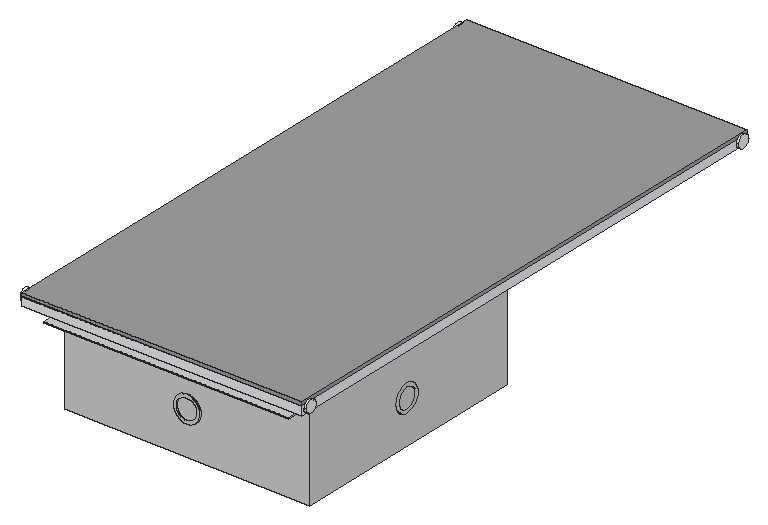
Revit family "I128SYSM+", category Communication Devices, Revit 2014
Parameters (values of type "IP Enabled Loudspeakers")
  Width = 11.94"
  Weight Product = 10
  Warranty = "1 Year"
  Voltage AC = "PoE or PoE+ and External 24VDC"
  Vertical Symmetry = yes
  URL = "www.atlassound.com"
  Transformer Option = yes
  Specification by User (default) = "TBD"
  Speaker Type = "S1"
  Speaker Listening Height [instance] = 30.00"
  Speaker Height [instance] = 120.00"
  Speaker Dispersion = 105.00°
  Speaker Cone Visible [instance] = no
  Speaker Cone Height [instance] = (Speaker Height - Speaker Listening Height)  # 90.00"
  ScheduleType |RF| = "AtlasIED Master"
  Safety Agency Ratings = "ETL Listed to Comply with UL-60950-1, and CAN/CSA-C22.2 No. 60950-1"
  SPL Max = 95
  Recommended Signal Processing = "Built-In Processing"
  Radius of Speaker Cone [instance] = (Speaker Cone Height) * tan(Speaker Dispersion / 2)  # 117.29028"
  Product Page URL = "https://www.atlasied.com/Product/ProductDetails?productId=3381"
  Product Documentation Link = "https://www.atlasied.com/f/3582/I128SYSM+_data_sheet.pdf"
  Power Rating (RMS) = "15 Watts Max (802.3AT)"
  Operation Mode = "Self Powered"
  OmniClass Title = "SPEAKERS"
  OmniClass Number = "23-37 17 13 19"
  Mounting/Rigging Provisions = "Lay-In Into A Reflected Ceiling Grid"
  Mount Material = QF_Plastic - White - Smooth
  Model = "I128SYSM+"
  MaterFormat Title = "SPEAKERS"
  MasterFormat = "27 41 13"
  Market = "Commercial, Higher Education, Emergency"
  Manufacturer URL = "https://www.atlasied.com"
  Manufacturer Phone = "(800) 876 - 3333"
  Manufacturer Email = "support@atlasied.com"
  Manufacturer Address = "4545 E. Baseline Rd., Phoenix, AZ 85042"
  Manufacturer = "ATLAS SOUND"
  Loudspeaker Level = "8Ω, 9W (802.3AF), 15W (802.3AT)"
  Input Connectors = "One Unbalanced Analog, Secured Screw Terminal Block, G.711, G.722 Capable"
  Ingress Protection = "IP-XX (Not Rated)"
  Impedance = 8
  IQ Category = "SPEAKERS"
  Height = 4.92"
  Grill Material = QF_Plastic - Black - Fine Textured
  Frequency Response  = "86Hz - 15.5kHz"
  Family Version [instance] = "2017-01"
  Family Code (default) = "LOUD SPEAKERS"
  Enclosure Material = none
  Dispersion Angle = 0.00°
  Description = "POE+ INDOOR 1’ X 2’ SUSPENDED CEILING MOUNT IP LOUDSPEAKER WITH PAGING MICROPHONE"
  Depth = 23.69"
  Coverage Vertical = 105.00°
  Coverage Horizontal = 105.00°
  Coverage = "105° (2kHz Octave Band, -6dB Points"
  Cost MSRP = 1247.99
  Cost = 1247.99
  Communication Ports = "RJ-45 Female"
  Color = none
  Bracket Offset [instance] = 0.45205"
  Body Material = QF_Metal - Stainless - Polished
  Baffle Material = none
  70V Taps = "32.00 W"
  100V Taps = "32.00 W"
Reference planes (in)
  plane 1 "Center (Front/Back)": y = 0
  plane 2: z = 0
  plane 3 "Center (Left/Right)": x = 0
  plane 4: z = 0.5
  plane 5: x = 5.97
  plane 6: x = -5.97
  plane 7: y = 11.845
  plane 8: y = -11.845
  plane 9: z = -4.42
  plane 10: y = 10.12661
  plane 11: z = -0.45205
Forms (in)
  Extrusion 1, solid, material "QF_Plastic - White - Smooth" <- "Mount Material"
    sketch origin (0, 0, 0) x (1, 0, 0) y (0, 1, 0)
      loop
        line (-5.97, 11.845) -> (-5.97, -11.845) -> (5.97, -11.845) -> (5.97, 11.845) -> (-5.97, 11.845)
    from 0 to 0.35
  Extrusion 2, solid, material "QF_Metal - Stainless - Polished" <- "Body Material"
    sketch origin (0, 0, 0) x (0, 1, 0) y (0, 0, 1)
      loop
        line (0, -4.29) -> (0, 0) -> (-10.5, 0) -> (-10.5, -4.29) -> (0, -4.29)
    from -5.23 to 5.22635
  Extrusion 3, solid, material "QF_Metal - Stainless - Polished" <- "Body Material"
    sketch origin (0, 0, -4.29) x (-1, 0, 0) y (0, 1, 0)
      loop
        line (3.10859, -0.42676) -> (0.54088, -0.42676) -> (0.54088, 0.77513) -> (-0.44713, 0.77513) -> (-0.44713, -0.42676) -> (-3.03918, -0.42676) -> (-3.03918, -5.04209) -> (3.10859, -5.04209) -> (3.10859, -0.42676)
      loop
        circle (0.05482, 0.22836) r 0.36127
    from 0 to 0.13
  Extrusion 4, solid, material "QF_Plastic - White - Smooth" <- "Mount Material"
    sketch origin (5.97, 11.845, 0) x (0, -1, 0) y (0, 0, -1)
      loop
        circle (0.31236, -0.25095) r 0.25
      loop
        circle (23.37764, -0.25095) r 0.25
    from 0 to 0.13
  Extrusion 5, solid, material "QF_Plastic - White - Smooth" <- "Mount Material"
    sketch origin (-5.97, 10.595, 0) x (0, 1, 0) y (0, 0, -1)
      loop
        circle (0.93764, -0.25095) r 0.25
      loop
        circle (-22.12764, -0.25095) r 0.25
    from 0 to 0.13
  Extrusion 6, solid, material "QF_Metal - Stainless - Polished" <- "Body Material"
    sketch origin (-7.33094, -180, -0.5) x (0, -1, 0) y (-1, 0, 0)
      loop
        circle (-180.46186, -12.07079) r 0.25
      loop
        circle (-180.46186, -2.5911) r 0.25
      loop
        circle (-168.91314, -12.07079) r 0.25
      loop
        circle (-168.91314, -2.5911) r 0.25
    from 0 to 0.13
  Extrusion 7, solid, material "QF_Metal - Stainless - Polished" <- "Body Material"
    sketch origin (0, 0, -4.42) x (0, -1, 0) y (-1, 0, 0)
      loop
        circle (2.78313, 0) r 0.61511
      loop
        circle (2.78313, 0) r 0.48511
    from 0 to 0.03
  Extrusion 8, solid, material "QF_Metal - Stainless - Polished" <- "Body Material"
    sketch origin (-5.23, 0, 0) x (0, -1, 0) y (0, 0, 1)
      loop
        circle (5.36407, -2.4354) r 0.56726
      loop
        circle (5.36407, -2.4354) r 0.43726
    from 0 to 0.03
  Extrusion 9, solid, material "QF_Metal - Stainless - Polished" <- "Body Material"
    sketch origin (0, 0, -4.42) x (0, 0, 1) y (1, 0, 0)
      loop
        circle (1.9846, 0) r 0.57
      loop
        circle (1.9846, 0) r 0.44
    from 0 to 0.03
  Extrusion 10, solid, material "QF_Metal - Stainless - Polished" <- "Body Material"
    sketch origin (0, -10.5, -4.42) x (0, 0, 1) y (-1, 0, 0)
      loop
        circle (1.9846, 0) r 0.57
      loop
        circle (1.9846, 0) r 0.44
    from 0 to 0.03
  Extrusion 11, solid, material "QF_Metal - Stainless - Polished" <- "Body Material"
    sketch origin (5.22635, 0, 0) x (0, 1, 0) y (0, 0, 1)
      loop
        circle (-5.36407, -2.4354) r 0.56726
      loop
        circle (-5.36407, -2.4354) r 0.43726
    from 0 to 0.03
  Extrusion 12, solid, material "QF_Plastic - Black - Fine Textured" <- "Grill Material"
    sketch origin (5.51168, -11.845, 0) x (-1, 0, 0) y (0, 0, -1)
      loop
        line (11.48168, -0.5) -> (11.48168, -0.37) -> (-0.45832, -0.37) -> (-0.45832, -0.5) -> (11.48168, -0.5)
    from 0 to -23.69
  Blend 13, solid, material "Glass", visible <- "Speaker Cone Visible"
    base sketch origin (0, 0, 0.13989) x (1, 0, 0) y (0, 1, 0)
      loop
        circle (0, 0.09521) r 117.29028
    top sketch origin (0, 0, 0.13989) x (1, 0, 0) y (0, 1, 0)
      loop
        circle (0, 0.09521) r 0.13513
    from 90 <- "Speaker Cone Height" to 0
  Extrusion 14, solid, material "QF_Metal - Stainless - Polished" <- "Body Material"
    sketch origin (-7.33094, -180, -0.45205) x (-1, 0, 0) y (0, -1, 0)
      loop
        line (-2.10094, -169.5) -> (-2.10094, -168.39314) -> (-12.5573, -168.39314) -> (-12.5573, -169.5) -> (-2.10094, -169.5)
      loop
        line (-12.5573, -180) -> (-12.5573, -181.10686) -> (-2.10094, -181.10686) -> (-2.10094, -180) -> (-12.5573, -180)
    from 0 to -0.04795
Lines and regions (in)
  symbolic lines
    curve 1: line (-5.97, 11.845, 0) -> (5.97, 11.845, 0)
    curve 2: line (-5.97, -11.845, 0) -> (-5.97, 11.845, 0)
    curve 3: line (5.97, -11.845, 0) -> (-5.97, -11.845, 0)
    curve 4: line (5.97, 11.845, 0) -> (5.97, -11.845, 0)
  symbolic lines, style "Sound Projection Average", visible <- "Speaker Cone Visible"
    curve 5: circle (0, 0.09521, 0.13989) r 155.88457 normal (0, 0, 1)
Dimensions and locks (in)
  plane 4 to plane 2 = 0.50"
  "Width": plane 6 to plane 5
  "Depth": plane 7 to plane 8
  "Height": plane 4 to plane 9
  "Bracket Offset": plane 2 to plane 11
  "Radius of Speaker Cone": radius of Blend 13 sketch curve
  aligned and locked: plane 2 to level
Automatic sketch dimensions
  curve 3 to plane 6 = 0.00"
  curve 3 to plane 5 = 0.00"
  curve 3 to plane 8 = 0.00"
  curve 2 to plane 7 = 0.00"
  Extrusion 1 sketch curve to plane 6 = 0.00"
  Extrusion 1 sketch curve to plane 5 = 0.00"
  Extrusion 1 sketch curve to plane 8 = 0.00"
  Extrusion 1 sketch curve to plane 7 = 0.00"
  Extrusion 2 sketch curve to plane 1 "Center (Front/Back)" = 0.00"
  plane 9 to Extrusion 2 sketch curve = 0.13"
  plane 8 to Extrusion 2 sketch curve = 1.345"
  Extrusion 2 sketch curve to level = 0.00"
  Extrusion 3 sketch curve to Extrusion 2 = 2.18718"
  Extrusion 3 sketch curve to Extrusion 2 = 0.77513"
  Extrusion 3 sketch curve to Extrusion 3 sketch curve = 2.59205"
  Extrusion 3 sketch curve to Extrusion 2 = 0.22836"
  Extrusion 3 sketch curve to Extrusion 3 sketch curve = 0.50195"
  Extrusion 3 sketch curve to Extrusion 3 sketch curve = 0.48606"
  Extrusion 2 to Extrusion 3 sketch curve = 0.42676"  (x2)
  Extrusion 3 sketch curve to Extrusion 2 = 2.12141"
  Extrusion 3 sketch curve to Extrusion 3 sketch curve = 4.61533"
  Extrusion 1 to Extrusion 4 sketch curve = 0.09905"  (x2)
  Extrusion 1 to Extrusion 4 sketch curve = 0.31236"  (x2)
  Extrusion 1 to Extrusion 5 sketch curve = 0.09905"  (x2)
  Extrusion 5 sketch curve to Extrusion 1 = 0.31236"
  Extrusion 1 to Extrusion 5 sketch curve = 0.31236"
  Extrusion 7 sketch curve to Extrusion 7 sketch curve = 0.00"  (x2)
  Extrusion 3 to Extrusion 7 sketch curve = 0.44713"
  Extrusion 3 to Extrusion 7 sketch curve = 2.25896"
  Extrusion 8 sketch curve to Extrusion 8 sketch curve = 0.00"  (x2)
  Extrusion 8 sketch curve to Extrusion 2 = 1.8546"
  Extrusion 8 sketch curve to Extrusion 2 = 5.13593"
  Extrusion 9 sketch curve to Extrusion 9 sketch curve = 0.00"  (x2)
  Extrusion 2 to Extrusion 9 sketch curve = 1.8546"
  Extrusion 2 to Extrusion 9 sketch curve = 5.22635"
  Extrusion 10 sketch curve to Extrusion 10 sketch curve = 0.00"  (x2)
  Extrusion 2 to Extrusion 10 sketch curve = 1.8546"
  Extrusion 2 to Extrusion 10 sketch curve = 5.22635"
  Extrusion 11 sketch curve to Extrusion 11 sketch curve = 0.00"  (x3)
  Extrusion 11 sketch curve to Extrusion 2 = 1.8546"
  Extrusion 12 sketch curve to Extrusion 1 = 0.00"  (x2)
  Extrusion 12 sketch curve to Extrusion 1 = 0.15"
  Extrusion 12 sketch curve to Extrusion 1 = 0.02"
  Blend 13 sketch curve to plane 3 "Center (Left/Right)" = 0.00"  (x2)
  Blend 13 sketch curve to plane 1 "Center (Front/Back)" = 0.09521"  (x2)
  plane 1 "Center (Front/Back)" to Extrusion 14 sketch curve = 0.00"
  Extrusion 14 sketch curve to plane 5 = 0.74365"  (x2)
  Extrusion 14 sketch curve to plane 6 = 0.74"  (x2)
  Extrusion 14 sketch curve to Extrusion 14 sketch curve = 1.10686"
  plane 8 to Extrusion 14 sketch curve = 1.345"
  plane 8 to Extrusion 14 sketch curve = 0.23814"
  Extrusion 11 sketch curve to Extrusion 2 = 5.13593"
  Extrusion 14 to Extrusion 6 sketch curve = 0.48651"  (x2)
  Extrusion 14 to Extrusion 6 sketch curve = 0.49015"  (x2)
  Extrusion 14 to Extrusion 6 sketch curve = 0.46186"  (x2)
  Extrusion 14 to Extrusion 6 sketch curve = 0.52"  (x2)
  radius of Extrusion 3 sketch curve = 0.36127"
  radius of Extrusion 4 sketch curve = 0.25"  (x2)
  radius of Extrusion 5 sketch curve = 0.25"  (x2)
  radius of Extrusion 7 sketch curve = 0.61511"
  radius of Extrusion 7 sketch curve = 0.48511"
  radius of Extrusion 8 sketch curve = 0.56726"
  radius of Extrusion 8 sketch curve = 0.43726"
  radius of Extrusion 9 sketch curve = 0.57"
  radius of Extrusion 9 sketch curve = 0.44"
  radius of Extrusion 10 sketch curve = 0.57"
  radius of Extrusion 10 sketch curve = 0.44"
  radius of Extrusion 11 sketch curve = 0.56726"
  radius of Extrusion 11 sketch curve = 0.43726"
  radius of Blend 13 sketch curve = 0.13513"
  radius of Extrusion 6 sketch curve = 0.25"  (x4)
Nested families (in)
  nested 1: "Speaker Annotation" at (0, 0, 0.13989), Speaker Type <- "Speaker Type", type "Data Annotation"
    with Speaker Type "S1"
Definition of nested family "Speaker Annotation"
  Parameters (values of type "Data Annotation")
    Speaker Type [instance] = ""
  Reference planes (in)
    plane 1: y = 0
    plane 2: x = 0
  Lines and regions (in)
    detail lines, style "Data Device"
      curve 1: circle (-0.00295, 0.00032, 0) r 0.09489 normal (0, 0, 1)
  Text (in)
    label "S1" at (0.00193, -0.00496, 0), shows "Speaker Type"
